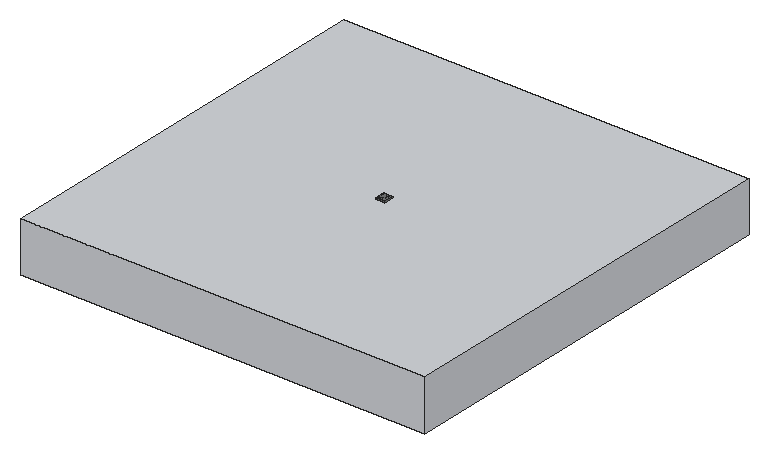
Revit family "Gira_210427", category Elektroinstallationen, Revit 2017
Family settings
  Basisbauteil = Fläche
  Beschriftungsausrichtung beibehalten = Nein
  Bemaßung runder Anschluss = Durchmesser verwenden
  Teiletyp = Normal
  Beim Laden mit Abzugskörper schneiden = Nein
  Gemeinsam genutzt = Nein
  Raumberechnungspunkt = Nein
Parameters
  Wetterstation = no
  URL = "https://www.gira.de/"
  Typname = "KNX CO?-Sensor Luftfeuchteregler + RTR System 55 Reinweiß m"
  Schutzart (IP) = "IP20"
  RAL-Nummer (ähnlich) = 9010
  Produktseite = "http://katalog.gira.de/de_DE/datenblatt.html?artikelnr=210427"
  Montageart = "Unterputz"
  Mit Heizung = no
  Mit DCF77 = no
  Mit Busankopplung = no
  Hersteller = "Gira"
  HAN = "210427"
  GTIN = "4010337084495"
  Farbe = "weiß"
  Datenblatt = "https://katalog.gira.de/de_DE/download.html?artikelnr=210427"
  Bussystem Powernet = no
  Bussystem LON = no
  Bussystem KNX-Funk = no
  Bussystem KNX = yes
  Bussystem Funkbus = no
  Beschreibung = "KNX CO2-Sensor mit Luftfeuchte- und Raumtemperaturregler System 55 Reinweiß seidenmatt CO?-Sensor mit einer integrierten KNX Busankopplung und zwei Binäreingängen zum Messen der Kohlendioxid-Konzentration, relativen Luftfeuchte und Raumtemperatur.  Merkmale: - Grenzwertüberwachung für CO2-Konzentration und Luftfeuchte. - Taupunktalarmierung für z. B. Kühldecken und Wintergärten, zur Vermeidung möglicher Schimmelbildung. - Zwei Binäreingänge zum Anschluss potenzialfreier Kontakte. - Logikgatter für einfache Verknüpfungsfunktionen. Sensor: - Beim CO2-Sensor sind maximal vier unterschiedliche Grenzwerte einstellbar. - Anpassung an aktuelle Ortshöhe über NN. - Beim Feuchtesensor sind max. zwei Grenzwerte einstellbar. Regler: - 5 Betriebsarten: Komfort, Stand-by, Nacht, Frost- bzw. Hitzeschutz und Reglersperre (z. B. Taupunkt-Betrieb). - Heiz-  Kühlfunktionen: Heizen, Kühlen, Heizen und Kühlen, Grund- und Zusatzheizen, Grund- und Zusatzkühlen. - Voreingestellte Regelparameter für gängige Heiz- bzw. Kühlkörper. - Regler abschaltbar (Taupunktbetrieb) bzw. Regler oder Bedienung des Reglers sperrbar. - Ventilschutzfunktion (Ventil wird zyklisch alle 24 Stunden geöffnet). - Regelungsarten: stetige PI-Regelung, schaltende PI-Regelung (PWM) und schaltende 2-Punkt-Regelung (Ein Aus). Eingänge: - Freie Zuordnung der Funktionen Schalten, Dimmen, Jalousie und Wertgeber zu den Eingängen. - Sperrobjekt zum Sperren einzelner Eingänge. - Verhalten bei Busspannungswiederkehr parametrierbar. - Telegrammratenbegrenzung. - Funktion Schalten: zwei unabhängige Schaltobjekte für jeden Eingang vorhanden und einzeln freischaltbar, Befehl bei steigender und fallender Flanke unabhängig einstellbar (EIN, AUS, UM, keine Reaktion). - Funktion Dimmen: Einflächen- und Zweiflächenbedienung, Zeit zwischen Dimmen und Schalten und Dimmschrittweite einstellbar, Telegramm-Wiederholung und Stopp-Telegramm senden möglich. - Funktion Jalousie: Befehl bei steigender Flanke einstellbar (keine Funktion, AUF, AB, UM), Bedienkonzept parametrierbar, Zeit zwischen Kurz- und Langzeitbetrieb einstellbar, Lamellenverstellzeit einstellbar. - Funktion Wertgeber und Lichtszenennebenstelle: Flanke (Taster als Schließer, Taster als Öffner, Schalter) und Wert bei Flanke parametrierbar, Wertverstellung bei Taster über langen Tastendruck für Wertgeber möglich, Lichtszenennebenstelle mit bzw. ohne Speicherfunktion.  Hinweise : - Der CO2-Sensor besitzt keine Bedien- oder Anzeigeelemente. - Bei Anschluss der externen Eingänge wird die Verwendung einer Schalterklemmdose empfohlen. - Zum Betrieb des CO2-Sensors ist kein separater Busankoppler notwendig."
  Bauelement = "Sys55_Abdeckung_Schalten und Tasten"
  Default Elevation = 1219.2 mm
  BIM = "https://media.stage.bim.site/public/gira/876eb45/Sys55_Abdeckung_Schalten%20und%20Tasten.rfa?public/gira/876eb45/Sys55_Abdeckung_Schalten und Tasten.rfa"
  Ausführung = "CO2-Sensor"
  Anthrazit [instance] = Anthrazit
  Andere Bussysteme = "ohne"
  Analogeingang = no
  Akustisches Signal = yes
Reference planes
  plane 1 "Center (Front/Back)": y = 0
  plane 2: z = 0
  plane 3 "Center (Left/Right)": x = 0
Forms (mm)
  Extrusion 1, solid
    sketch origin (0, 0, 0) x (1, 0, 0) y (0, 1, 0)
      loop
        line (-1219.2, 1219.2) -> (-1219.2, -1219.2) -> (1219.2, -1219.2) -> (1219.2, 1219.2) -> (-1219.2, 1219.2)
    from 0 to -304.8
  Extrusion 2, solid, material "Anthrazit" <- "Anthrazit", detail levels fine
    sketch origin (0, 0, 0) x (1, 0, 0) y (0, 1, 0)
      loop
        line (-27.5, 27.5) -> (-27.5, -27.5) -> (27.5, -27.5) -> (27.5, 27.5) -> (-27.5, 27.5)
    from 0 to 8
  Extrusion 3, void
    sketch origin (0, 0, 0) x (1, 0, 0) y (0, 1, 0)
      loop
        line (26, 26) -> (-26, 26) -> (-26, -26) -> (26, -26) -> (26, 26)
    from 0 to 6
  Extrusion 4, solid, material "Anthrazit" <- "Anthrazit", detail levels medium
    sketch origin (0, 0, 0) x (1, 0, 0) y (0, 1, 0)
      loop
        line (-27.5, 27.5) -> (-27.5, -27.5) -> (27.5, -27.5) -> (27.5, 27.5) -> (-27.5, 27.5)
    from 0 to 8
  Extrusion 5, solid, material "Anthrazit" <- "Anthrazit", detail levels medium
    sketch origin (0, 0, 0) x (1, 0, 0) y (0, 1, 0)
      loop
        line (11, -17.5) -> (11, 17.5) -> (-11, 17.5) -> (-11, -17.5) -> (11, -17.5)
    from -6 to 6
  Extrusion 6, solid, material "Anthrazit" <- "Anthrazit", detail levels fine
    sketch origin (0, 0, 0) x (1, 0, 0) y (0, 1, 0)
      loop
        line (11, 17.5) -> (-11, 17.5) -> (-11, 16.5) -> (11, 16.5) -> (11, 17.5)
      loop
        line (-11, -16.5) -> (-11, -17.5) -> (11, -17.5) -> (11, -16.5) -> (-11, -16.5)
    from -4 to 6
  Extrusion 7, solid, material "Anthrazit" <- "Anthrazit", detail levels fine
    sketch origin (0, 0, 0) x (1, 0, 0) y (0, 1, 0)
      loop
        arc (5, 9.347) -> (0, 10.6) -> (-5, 9.347) r 10.6
        line (-5, 9.347) -> (-5, -9.347)
        arc (-5, -9.347) -> (0, -10.6) -> (5, -9.347) r 10.6
        line (5, -9.347) -> (5, 9.347)
    from -6 to 6
  Extrusion 8, solid, material "Anthrazit" <- "Anthrazit", detail levels coarse
    sketch origin (0, 0, 0) x (1, 0, 0) y (0, 1, 0)
      loop
        line (-27.5, 27.5) -> (-27.5, -27.5) -> (27.5, -27.5) -> (27.5, 27.5) -> (-27.5, 27.5)
    from -6 to 8
Cuts and joins
  Extrusion 3 cuts Extrusion 2
Dimensions and locks
  aligned and locked: plane 2 to Extrusion 1
  aligned and locked: level to Extrusion 1
